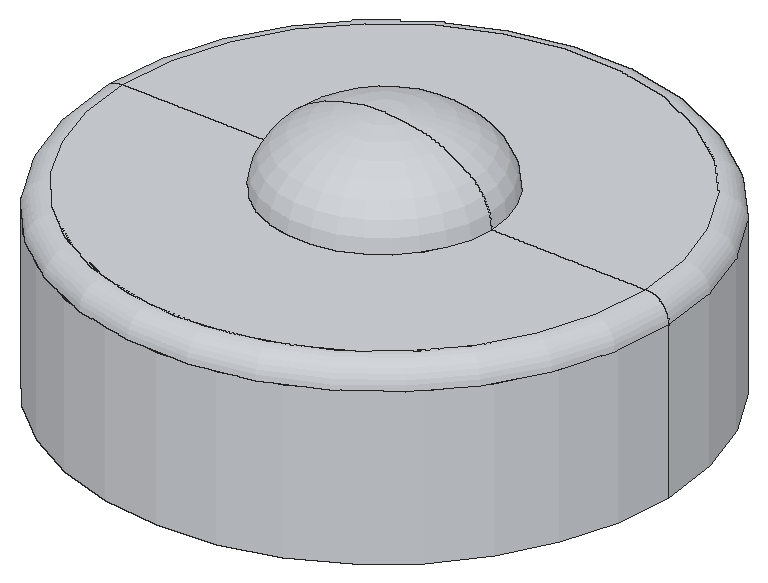
Revit family "Occupancy Sensor", category Generic Models, host Face, Revit 2025
Family settings
  Host = Face
  Can host rebar = No
  Round Connector Dimension = Use Diameter
  Part Type = Normal
  Cut with Voids When Loaded = No
  Maintain Annotation Orientation = No
  Shared = No
  Room Calculation Point = No
Parameters
  Default Elevation = 48"
Reference planes (in)
  plane 1 "Center (Front/Back)": y = 0
  plane 2: z = 0
  plane 3 "Center (Left/Right)": x = 0
  plane 4: x = 1.6
Forms (in)
  Revolve 1, solid
    sketch origin (0, 0, 0) x (1, 0, 0) y (0, 0, 1)
      loop
        spline (0.60343, 1) -> (0.59827, 1.04973) -> (0.58287, 1.09861) -> (0.55749, 1.1458) -> (0.52258, 1.1905) -> (0.47873, 1.23194) -> (0.42669, 1.26941) -> (0.36734, 1.30227) -> (0.30171, 1.32996) -> (0.23092, 1.352) -> (0.15618, 1.36802) -> (0.07876, 1.37774) -> (0, 1.381)
        line (0, 1.381) -> (0, 0) -> (1.6, 0) -> (1.6, 0.86943)
        arc (1.6, 0.86943) -> (1.56176, 0.96176) -> (1.46943, 1) r 0.13057
        line (1.46943, 1) -> (0.60343, 1)
      axis (0, 1.381) -> (0, 0)
    angle from 0 to 360
Dimensions and locks (in)
  Revolve 1 sketch curve to plane 2 = 1"
  plane 4 to plane 3 "Center (Left/Right)" = 1.6"
  aligned and locked: plane 2 to host face
  aligned and locked: level to host face
Nested families (in)
  nested 1: "Symbol" at (0, 0, 0), type "Family6"
Definition of nested family "Symbol"
  Reference planes (in)
    plane 1: y = 0
    plane 2: x = 0
  Lines and regions (in)
    detail lines
      curve 1: circle (0, 0, 0) r 0.125 normal (0, 0, 1)
  Text (in)
    text "OS" at (0.00292, -0.00402, 0)
